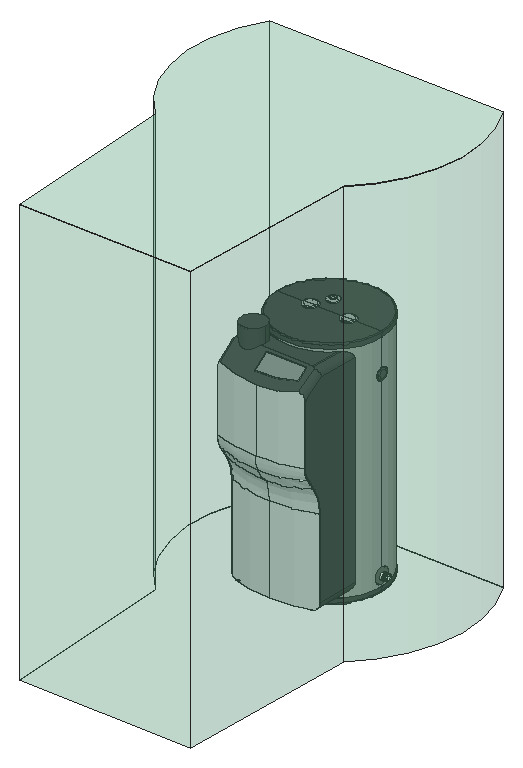
Revit family "Innovo  BENL_IR 20 160 BENL NAT", category Mechanical Equipment, Revit 2015
Parameters (values of type "IR-20-160 BENL NAT")
  Werkruimte Radius = Diameter + 170 mm  # 730 mm
  Werkruimte Hoogte = Hoogte + 1000 mm  # 2270 mm
  Werkruimte Afstand Voor = 1000 mm
  Werkruimte [instance] = yes
  Voorzorgsmaatregelen tijdens montage, installatie of onderhoud = "zie Gebruikers, Installatie, Service en Onderhouds handleiding"  # constant formula
  Voltage = 230 V  # constant formula
  Verpakkingslengte = 946 mm  # constant formula
  Verpakkingshoogte = 1465 mm
  Verpakkingsbreedte = 786 mm  # constant formula
  Uitsluitend werkend in daluren = no
  Uitschakeldruk LDS < = "115"
  Type aanduiding = "IR-20-160"
  Transportgewicht = 114 kg
  Totaal Gewicht = 274 kg
  Stilstandsverlies - dagelijks (24u) = 0 W
  Stilstandsverlies = 0 W
  Standaard Afgesteld op = "G31"
  Stand Regelthermostaat = 65 °C  # constant formula
  Soort Verpakking = "Karton en Hout"  # constant formula
  Slimme controlefunctie = no
  Setpoint thermostaat = 65 °C  # constant formula
  Seizoens Rendement (Hs) = [Rendement (Hs, vlgs. NEN-EN 89 - 1999)]  # 95
  Rendement (Hs, vlgs. NEN-EN 89 - 1999) = 95
  Rendement (Hi, vlgs. NEN-EN 89 - 1999) = 106
  Produktspecificaties Link = ""
  Produkthandleiding Link = ""
  Produkt Model Nummer (EAN-nummer) = "8717449286026"
  Onderhoudsinterval = "12 maanden"  # constant formula
  Nominale Belasting (Onderwaarde) = "18000.0"
  Nominale Belasting (Bovenwaarde) = "19600.0"
  Nominaal Vermogen = "18700.0"
  NOx-uitstoot mg/kWh = "30"
  NOx-uitstoot (lucht vrij, 0% O2) ppm = "18.0"
  Min. Stand Regelthermostaat = 40 °C  # constant formula
  Max. Werkdruk = 800000.0 Pa
  Max. Stand Regelthermostaat = 85 °C  # constant formula
  Max. Rookgastemperatuur = 61 °C
  Ledig Gewicht = 95 kg
  Kraan Hoogte 02 = if(and(Hoogte = 1745 mm, Diameter = 675 mm), 1518 mm, if(and(Hoogte = 1745 mm, Diameter = 610 mm), 1534 mm, if(Hoogte = 1545 mm, 1328 mm, 1070 mm)))  # 1070 mm
  Kraan Hoogte 01 = if(and(Diameter > 560 mm), 693 mm, 604 mm)  # 604 mm
  URL = "www.aosmith.be"
  Tapcapaciteit bij ΔT = 70°C  na 90 min. = 410.0 L
  Tapcapaciteit bij ΔT = 70°C  na 60 min. = 290.0 L
  Tapcapaciteit bij ΔT = 70°C  na 30 min. = 170.0 L
  Tapcapaciteit bij ΔT = 70°C  na 120 min. = 520.0 L
  Tapcapaciteit bij ΔT = 55°C  na 90 min. = 540.0 L
  Tapcapaciteit bij ΔT = 55°C  na 60 min. = 390.0 L
  Tapcapaciteit bij ΔT = 55°C  na 30 min. = 240.0 L
  Tapcapaciteit bij ΔT = 55°C  na 120 min. = 700.0 L
  Tapcapaciteit bij ΔT = 50°C  na 90 min. = 600.0 L
  Tapcapaciteit bij ΔT = 50°C  na 60 min. = 440.0 L
  Tapcapaciteit bij ΔT = 50°C  na 30 min. = 270.0 L
  Tapcapaciteit bij ΔT = 50°C na 120 min. = 770.0 L
  Tapcapaciteit bij ΔT = 44°C na 120 min. = 690.0 L
  Tapcapaciteit bij ΔT = 44°C  na 90 min. = 510.0 L
  Tapcapaciteit bij ΔT = 44°C  na 60 min. = 320.0 L
  Tapcapaciteit bij ΔT = 44°C  na 30 min. = 880.0 L
  Tapcapaciteit bij ΔT = 28°C na 90 min. = 1200.0 L
  Tapcapaciteit bij ΔT = 28°C na 60 min. = 820.0 L
  Tapcapaciteit bij ΔT = 28°C na 30 min. = 530.0 L
  Tapcapaciteit bij ΔT = 28°C na 120 min. = 1500.0 L
  Tapcapaciteit Continu bij ΔT = 70°C = 240.0 L/s
  Tapcapaciteit Continu bij ΔT = 55°C = 300.0 L/s
  Tapcapaciteit Continu bij ΔT = 50°C = 330.0 L/s
  Tapcapaciteit Continu bij ΔT = 44°C = 380.0 L/s
  Tapcapaciteit Continu bij ΔT = 28°C = 590.0 L/s
  Opwarmtijd bij ΔT = 70°C = "27"
  Opwarmtijd bij ΔT = 55°C = "21"
  Opwarmtijd bij ΔT = 50°C = "19"
  Opwarmtijd bij ΔT = 44°C = "17"
  Opwarmtijd bij ΔT = 28°C = "11"
  Model = "IR-20-160 BENL LP"
  Manufacturer = "A.O. Smith Water Products Company b.v."  # constant formula
  Length = 780 mm  # constant formula
  Jaarlijks elektriciteitsverbruik (2) = "-"
  Jaarlijks elektriciteitsverbruik (1) = "37 kWh"
  Jaarlijks brandstofverbruik (2) = "-"
  Jaarlijks brandstofverbruik (1) = "16 GJ GCV"
  Isolatiedikte = 50 mm
  Installatie Typen = "B23/C13/C33/C43/C53/C63"  # constant formula
  Inhoud = 160.0 L
  Hoogte Warm Water Uitlaat = 1270 mm
  Hoogte Rookgasafvoer = 1295 mm
  Hoogte Lucht Inlaat = 1295 mm
  Hoogte Koud Water Inlaat = 170 mm
  Hoogte Gas Aansluiting = 860 mm
  Hoogte = 1270 mm
  Handelsmerk = "A.O. Smith"  # constant formula
  Geluidsniveau dB (A) = "<45"  # constant formula
  Geluidsniveau binnen = "52 dB"
  Gasverbruik - Volume ltr/hr = "2.20"
  Gasverbruik - Massa kg/h = "1.4"
  Gascategorie = "I2E(S)B"  # constant formula
  Gas Voordruk = "3700 Pa"
  Gas Aansluiting = 15"  # constant formula
  Garrantie op Tank = "36 maanden"  # constant formula
  Garrantie op Onderdelen = "12 maanden"  # constant formula
  Frequentie = 50 Hz  # constant formula
  Fase = 1
  Fabrikantnummer = "E 7110"  # constant formula
  Energie-efficiëntieklasse voor waterverwarming (2) = "-"
  Energie-efficiëntieklasse voor waterverwarming (1) = "A"  # constant formula
  Energie-efficiëntie voor waterverwarming (2) = "-"
  Energie-efficiëntie voor waterverwarming (1) = "92%"
  Elektrisch Vermogen (piek) = 85 W
  Elektrisch Vermogen (nominaal) = 36 W
  Diameter Schoorsteen - parallel systeem = "2x80"  # constant formula
  Diameter Schoorsteen - concentrisch systeem = "80/125 mm/mm"  # constant formula
  Diameter Schoorsteen - boiler = "80/125 mm/mm"  # constant formula
  Diameter = 560 mm
  Description = "Condenserende Hoog Rendementsboiler"  # constant formula
  Created By = "http://www.cadcompany.nl/"
  Capaciteitsprofiel = "XL"
  CO2-uitstoot (tol. +/- 1.0) vol% = "10.0"
  CE-PIN = "0063CQ3037"  # constant formula
  Breedte = Diameter  # 560 mm
  Bestemming / Land = "BelgIë"  # constant formula
  BIM Content Developer = "CAD & Company"  # constant formula
  Assembly Code = "D3010"
  Ander capaciteitsprofiel = "-"
  Aansluiting Warm Water = 3/4"
  Aansluiting T&P = 3/4"
  Aansluiting Koud Water = 3/4"  # constant formula
  Aansluiting Condensafvoer = 40 mm  # constant formula
  Aansluiting Aftapkraan = 3/4"  # constant formula
  2e Onderhoud (algeheel onderhoud) = "12 maanden na installatie"  # constant formula
  1e Onderhoud (check-up) = "3 maanden na installatie"  # constant formula
Reference planes
  plane 1 "Center (Front/Back)": y = 0
  plane 2: z = 0
  plane 3 "Center (Left/Right)": x = 0
  plane 4 "Pipe": through (-383.901, 912.349, 194.799) normal (-0.0879, -0.0879, 0.9923)
  plane 5 "footing": y = 118.925
  plane 6 "footing front": y = -237.85
  plane 7: x = -280
  plane 8: x = 280
  plane 9: z = 1270
Forms (mm)
  Revolve 1, solid, material "RAL 9005", detail levels medium+fine
    sketch origin (0, -237.85, 0) x (-1, 0, 0) y (0, 0, 1)
      loop
        line (0, 28.9) -> (-15, 28.9) -> (-15, 26.4) -> (-8.671, 26.4) -> (-8.671, 18) -> (-5.686, 18) -> (-6.626, 17.06) -> (-6.626, 12.06) -> (-8.671, 12.06) -> (-8.671, 10) -> (-10.031, 10) -> (-23.271, 5.181)
        arc (-23.271, 5.181) -> (-23.763, 4.836) -> (-24.017, 4.293) r 1.159
        line (-24.017, 4.293) -> (-24.017, 1.03)
        arc (-24.017, 1.03) -> (-23.715, 0.302) -> (-22.986, 0) r 1.03
        line (-22.986, 0) -> (0, 0) -> (0, 28.9)
      axis (0, 28.9) -> (0, 0)
    angle from 0 to 360
  Revolve 2, solid, material "RAL 9005", detail levels medium+fine
    sketch origin (0, 118.925, 0) x (-1, 0, 0) y (0, 0, 1)
      loop
        line (-180.984, 28.9) -> (-195.984, 28.9) -> (-195.984, 26.4) -> (-189.655, 26.4) -> (-189.655, 18) -> (-186.67, 18) -> (-187.61, 17.06) -> (-187.61, 12.06) -> (-189.655, 12.06) -> (-189.655, 10) -> (-191.015, 10) -> (-204.256, 5.181)
        arc (-204.256, 5.181) -> (-204.747, 4.836) -> (-205.001, 4.293) r 1.159
        line (-205.001, 4.293) -> (-205.001, 1.03)
        arc (-205.001, 1.03) -> (-204.699, 0.302) -> (-203.971, 0) r 1.03
        line (-203.971, 0) -> (-180.984, 0) -> (-180.984, 28.9)
      axis (-180.984, 28.9) -> (-180.984, 0)
    angle from 0 to 360
  Revolve 3, solid, material "RAL 9005", detail levels medium+fine
    sketch origin (0, 118.925, 0) x (-1, 0, 0) y (0, 0, 1)
      loop
        line (179.016, 28.9) -> (164.016, 28.9) -> (164.016, 26.4) -> (170.345, 26.4) -> (170.345, 18) -> (173.33, 18) -> (172.39, 17.06) -> (172.39, 12.06) -> (170.345, 12.06) -> (170.345, 10) -> (168.985, 10) -> (155.744, 5.181)
        arc (155.744, 5.181) -> (155.253, 4.836) -> (154.999, 4.293) r 1.159
        line (154.999, 4.293) -> (154.999, 1.03)
        arc (154.999, 1.03) -> (155.301, 0.302) -> (156.029, 0) r 1.03
        line (156.029, 0) -> (179.016, 0) -> (179.016, 28.9)
      axis (179.016, 28.9) -> (179.016, 0)
    angle from 0 to 360
Lines and regions (mm)
  symbolic lines
    curve 1: line (0, 280.06, 0) -> (0, -280.06, 0)
    curve 2: line (-255.06, 0, 0) -> (255.06, 0, 0)
  symbolic lines, style "Workspace"
    curve 3: line (623.261, 380.06, 0) -> (-623.261, 380.06, 0)
    curve 4: arc (-623.261, 380.06, 0) -> (-726.942, -66.745, 0) -> (-543.632, -487.2, 0) r 730
    curve 5: line (-543.632, -487.2, 0) -> (-396.783, -1492.825, 0)
    curve 6: line (-396.783, -1492.825, 0) -> (399.03, -1492.825, 0)
    curve 7: line (399.03, -1492.825, 0) -> (545.76, -484.816, 0)
    curve 8: arc (545.76, -484.816, 0) -> (727.087, -65.154, 0) -> (623.261, 380.06, 0) r 730
Dimensions and locks
  plane 5 "footing" to plane 1 "Center (Front/Back)" = 118.925 mm
  plane 1 "Center (Front/Back)" to plane 6 "footing front" = 237.85 mm
  "Diameter": plane 7 to plane 8
  equal spacing: plane 7, plane 3 "Center (Left/Right)", plane 8
  "Hoogte": plane 9 to plane 2
  "Werkruimte Afstand Voor": curve 6 to nested 3
  "Werkruimte Radius": radius of curve 4
  "Werkruimte Radius": radius of curve 8
  aligned and locked: level to plane 2
  aligned and locked: nested 3 to Revolve 1 sketch curve
  aligned and locked: plane 3 "Center (Left/Right)" to Revolve 1 sketch curve
  aligned and locked: nested 3 to plane 1 "Center (Front/Back)"
  aligned and locked: plane 3 "Center (Left/Right)" to nested 3
  aligned and locked: nested 1 to plane 8
  aligned and locked: nested 5 to plane 8
  aligned and locked: nested 2 to plane 7
  aligned and locked: nested 4 to plane 7
  aligned and locked: nested 7 to plane 7
  aligned and locked: nested 8 to plane 3 "Center (Left/Right)"
  aligned and locked: nested 8 to nested 3
  aligned and locked: curve 3 to nested 8
Automatic sketch dimensions
  Revolve 1 sketch curve to level = 0 mm
  plane 3 "Center (Left/Right)" to Revolve 1 sketch curve = 5.686 mm
  Revolve 1 sketch curve to Revolve 1 sketch curve = 0.94 mm  (x2)
  Revolve 1 sketch curve to Revolve 1 sketch curve = 2.046 mm  (x2)
  Revolve 1 sketch curve to Revolve 1 sketch curve = 1.359 mm
  Revolve 1 sketch curve to Revolve 1 sketch curve = 6.329 mm
  level to Revolve 1 sketch curve = 4.091 mm
  Revolve 1 sketch curve to Revolve 1 sketch curve = 12.844 mm
  level to Revolve 1 sketch curve = 1.03 mm
  Revolve 1 sketch curve to Revolve 1 sketch curve = 0.111 mm
  level to Revolve 1 sketch curve = 5.181 mm
  Revolve 1 sketch curve to Revolve 1 sketch curve = 0.745 mm
  level to Revolve 1 sketch curve = 10 mm
  Revolve 1 sketch curve to Revolve 1 sketch curve = 2.06 mm
  Revolve 1 sketch curve to Revolve 1 sketch curve = 5 mm
  Revolve 1 sketch curve to Revolve 1 sketch curve = 8.4 mm
  Revolve 1 sketch curve to Revolve 1 sketch curve = 2.5 mm
  Revolve 1 sketch curve to level = 19.635 mm
  Revolve 1 sketch curve to Revolve 1 sketch curve = 46.465 mm
  Revolve 2 sketch curve to level = 0 mm
  level to Revolve 2 sketch curve = 1.03 mm
  Revolve 2 sketch curve to plane 8 = 74.999 mm
  level to Revolve 2 sketch curve = 5.181 mm
  Revolve 2 sketch curve to Revolve 2 sketch curve = 0.745 mm
  Revolve 2 sketch curve to Revolve 2 sketch curve = 0.397 mm
  Revolve 2 sketch curve to Revolve 2 sketch curve = 8.271 mm
  Revolve 2 sketch curve to Revolve 2 sketch curve = 13.241 mm
  Revolve 2 sketch curve to Revolve 2 sketch curve = 1.359 mm
  Revolve 2 sketch curve to Revolve 2 sketch curve = 6.329 mm
  Revolve 2 sketch curve to Revolve 2 sketch curve = 2.046 mm
  level to Revolve 2 sketch curve = 18 mm
  Revolve 2 sketch curve to Revolve 2 sketch curve = 0.94 mm  (x2)
  Revolve 2 sketch curve to Revolve 2 sketch curve = 8.671 mm
  Revolve 2 sketch curve to Revolve 2 sketch curve = 1.089 mm
  Revolve 2 sketch curve to Revolve 2 sketch curve = 8 mm
  Revolve 2 sketch curve to Revolve 2 sketch curve = 2.06 mm
  Revolve 2 sketch curve to Revolve 2 sketch curve = 8.4 mm
  Revolve 2 sketch curve to Revolve 2 sketch curve = 2.5 mm
  Revolve 2 sketch curve to Revolve 2 sketch curve = 0 mm
  Revolve 2 sketch curve to level = 19.635 mm
  Revolve 2 sketch curve to Revolve 2 sketch curve = 46.465 mm
  Revolve 3 sketch curve to level = 0 mm
  level to Revolve 3 sketch curve = 1.03 mm
  Revolve 3 sketch curve to plane 7 = 125.001 mm
  level to Revolve 3 sketch curve = 5.181 mm
  Revolve 3 sketch curve to Revolve 3 sketch curve = 0.745 mm
  Revolve 3 sketch curve to Revolve 3 sketch curve = 0.397 mm
  Revolve 3 sketch curve to Revolve 3 sketch curve = 8.271 mm
  Revolve 3 sketch curve to Revolve 3 sketch curve = 13.241 mm
  Revolve 3 sketch curve to Revolve 3 sketch curve = 1.359 mm
  Revolve 3 sketch curve to Revolve 3 sketch curve = 6.329 mm
  Revolve 3 sketch curve to Revolve 3 sketch curve = 2.046 mm
  level to Revolve 3 sketch curve = 18 mm
  Revolve 3 sketch curve to Revolve 3 sketch curve = 0.94 mm  (x2)
  Revolve 3 sketch curve to Revolve 3 sketch curve = 8.671 mm
  Revolve 3 sketch curve to Revolve 3 sketch curve = 1.089 mm
  Revolve 3 sketch curve to Revolve 3 sketch curve = 8 mm
  Revolve 3 sketch curve to Revolve 3 sketch curve = 2.06 mm
  Revolve 3 sketch curve to Revolve 3 sketch curve = 8.4 mm
  Revolve 3 sketch curve to Revolve 3 sketch curve = 2.5 mm
  Revolve 3 sketch curve to Revolve 3 sketch curve = 0 mm
  Revolve 3 sketch curve to level = 19.635 mm
  Revolve 3 sketch curve to Revolve 3 sketch curve = 46.465 mm
  curve 4 to curve 8 = 0 mm  (x2)
  plane 1 "Center (Front/Back)" to curve 2 = 0 mm
  curve 1 to plane 3 "Center (Left/Right)" = 0 mm
  plane 1 "Center (Front/Back)" to curve 4 = 0 mm
  curve 4 to plane 3 "Center (Left/Right)" = 0 mm
  curve 5 to plane 6 "footing front" = 249.35 mm
  plane 7 to curve 5 = 116.783 mm
  plane 8 to curve 7 = 119.03 mm
  curve 7 to plane 6 "footing front" = 246.966 mm
  curve 2 to plane 7 = 24.94 mm
  curve 2 to plane 8 = 24.94 mm
  curve 1 to plane 6 "footing front" = 42.21 mm
  plane 5 "footing" to curve 1 = 161.135 mm
Nested families
  nested 1: "Valve" at (280, -0.38, 1070) x (0, 1, 0) z (0, 0, 1), built-in parameter 1001364 <- "Kraan Hoogte 02", type "Valve"
  nested 2: "Drain Valve" at (-280, 0, 1070), built-in parameter 1001364 <- "Kraan Hoogte 02", type "Drain Valve"
  nested 3: "Housing Mother Housing S 57 (external)" at (0, -274.886, 0), type "Housing Mother_Housing S_57"
  nested 4: "Drain Valve" at (-280, 0, 177), type "Drain Valve"
  nested 5: "Drain Valve" at (280, 0, 107) x (-1, 0, 0) z (0, 0, 1), type "Drain Valve"
  nested 6: "Boiler" at (0, 0, 0), height <- "Hoogte", type "Boiler"
    with height 1270 mm
  nested 7: "Drain Valve" at (-280, 0, 604), built-in parameter 1001364 <- "Kraan Hoogte 01", type "Drain Valve"
  nested 8: "Innovo_workspace" at (0, 0, 0), Workspace <- "Werkruimte", Workspace Distance Front <- "Werkruimte Afstand Voor", Workspace Height <- "Werkruimte Hoogte", Workspace Radius <- "Werkruimte Radius", type "Workspace"
    with Workspace Radius 730 mm, Workspace Height 2270 mm, Workspace Distance Front 1000 mm, Workspace yes, Center to Front 492.825 mm
Connectors
  piping at (314.826, 0, 107), diameter 19.05, driven by "Aansluiting Aftapkraan"
    settings: on nested 5, index 1, connector inside diameter 24", connector length 0 mm, flow factor 0, pipe flow 0.0 L/s, pressure drop 0.0 Pa, fitting loss kfactor 0, connector angle 0.00°, fixture units 0, engagement length 0 mm, angle of deflection 0.00°, flow configuration 0, flow direction 0, fitting loss method 0, system type 19, joint type 0, gender type 0, connector reference index -1, connector utility 0, adjustable connector no, is connector primary yes, connector description ""
  hvac at (-147.013, -321.326, 1310.674)
    settings: on nested 3, index 2, duct flow 0.0 L/s, flow factor 0, pres drop 0.0 Pa, loss coef 0, conn angle 0.00°, conn width 304.8 mm, conn height 304.8 mm, conn diameter 125 mm, duct sys type 4, conn prof type 0, flow config 0, flow direction 0, loss method 0, conn ref index -1, conn util no, is conn primary yes, conn desc ""
Definition of nested family "Valve"
  Parameters (values of type "Valve")
    Type Comments = "T&P valve (internal)"
    Manufacturer = "A.O. Smith"
  Reference planes
    plane 1 "Center (Front/Back)": y = 0
    plane 2: z = 0
    plane 3 "Center (Left/Right)": x = 0
  Forms (mm)
    Extrusion 1, solid, detail levels fine
      sketch origin (0, 0, 0) x (1, 0, 0) y (0, 0, 1)
        loop
          circle (0, 0) r 31.5
      from -2.271 to 1.4
    Sweep 2, solid, detail levels fine
      path origin (0, -1.4, 0) x (1, 0, 0) y (0, 0, 1)
        loop
          circle (0, 0) r 31.5
      profile origin (0, -1.4, 31.5) x (0, 0, -1) y (0, -1, 0)
        loop
          line (7.3, 0) -> (7.3, 3) -> (0, 0) -> (7.3, 0)
  Dimensions and locks
    aligned and locked: level to plane 2
Definition of nested family "Drain Valve"
  Reference planes
    plane 1 "Center (Front/Back)": y = 0
    plane 2: z = 0
    plane 3 "Center (Left/Right)": x = 0
  Forms (mm)
    Revolve 1, solid, detail levels medium+fine
      sketch origin (0, 0, 0) x (1, 0, 0) y (0, 0, 1)
        loop
          line (-33.442, 15.696) -> (-34.826, 14.329) -> (-34.93, 12.731) -> (-16.555, 12.731) -> (-16.555, 0) -> (15.787, 0) -> (15.787, 18.3) -> (-14.4, 18.3) -> (-17.148, 15.533) -> (-18.729, 16.697) -> (-20.091, 15.333) -> (-21.672, 16.496) -> (-23.034, 15.133) -> (-24.614, 16.296) -> (-25.976, 14.932) -> (-27.557, 16.096) -> (-28.919, 14.732) -> (-30.5, 15.896) -> (-31.862, 14.532) -> (-33.442, 15.696)
        axis (-34.93, 0) -> (15.787, 0)
      angle from 0 to 360
  Dimensions and locks
    aligned and locked: level to plane 2
  Nested families
    nested 1: "Rubber sealing" at (2.592, -0.155, 0) x (0.0023, -1, 0) z (0, 0, 1), type "Rubber sealing", detail levels fine
  Definition of nested family "Rubber sealing"
    Reference planes
      plane 1 "Center (Front/Back)": y = 0
      plane 2: z = 0
      plane 3 "Center (Left/Right)": x = 0
    Forms (mm)
      Extrusion 1, solid, detail levels fine
        sketch origin (141.861, 319.581, 0) x (1, 0, 0) y (0, 1, 0)
          loop
            line (-216.354, -311.898) -> (-216.354, -313.94)
            arc (-216.354, -313.94) -> (-141.602, -321.581) -> (-66.861, -313.835) r 366.966
            line (-66.861, -313.835) -> (-66.861, -311.791)
            arc (-66.861, -311.791) -> (-141.602, -319.581) -> (-216.354, -311.898) r 364.966
        from -80 to 80
      Extrusion 2, void
        sketch origin (141.861, 319.581, 0) x (1, 0, 0) y (0, 0, 1)
          loop
            circle (-141.861, 0) r 13
          loop
            circle (-141.861, 0) r 110
          loop
            circle (-141.861, 0) r 40
        from 311.563 to 332.684
      Extrusion 3, void
        sketch origin (141.861, 319.581, 0) x (1, 0, 0) y (0, 0, 1)
          loop
            circle (-141.861, 0) r 18.25
        from 315.524 to 326.084
    Cuts and joins
      Extrusion 2, Extrusion 3 cuts Extrusion 1
    Dimensions and locks
      aligned and locked: level to plane 2
Definition of nested family "Housing Mother Housing S 57 (external)"
  Parameters (values of type "Housing Mother_Housing S_57")
    radius [instance] = 280 mm
    distance to boiler center = if(diameter = 675 mm, 189 mm, if(diameter = 610 mm, 154 mm, 129 mm))  # 129 mm
    diameter = 560 mm
  Reference planes
    plane 1 "Center (Front/Back)": y = 0
    plane 2: z = 0
    plane 3 "Center (Left/Right)": x = 0
    plane 4 "left": through (-245.286, 145.886, 1200) normal (0.9994, 0.0349, 0)
    plane 5: y = -217.939
    plane 6: y = 145.886
    plane 7: z = 1232.6
    plane 8: z = 65.89
    plane 9 "right": through (245.286, 145.886, 1200) normal (0.9994, -0.0349, 0)
    plane 10 "display": through (0, -90.37, 1221.196) normal (0, -0.5736, 0.8192)
    plane 11 "Potentiostat": z = 867.899
    plane 12 "boiler center": y = 274.886
    plane 13: x = -280
    plane 14: x = 280
  Forms (mm)
    Extrusion 1, solid
      sketch origin (0, 0, 0) x (1, 0, 0) y (0, 1, 0)
        loop
          line (-245.286, 145.886) -> (-232.581, -217.939) -> (232.581, -217.939) -> (245.286, 145.886)
          arc (245.286, 145.886) -> (0, 0.923) -> (-245.286, 145.886) r 280
      from 0 to 1232.6
    Sweep 2, void
      path origin (0, 0, 0) x (0, 1, 0) y (0, 0, 1)
        loop
          line (-217.939, 1232.6) -> (-217.939, 795.555)
          arc (-217.939, 795.555) -> (-212.387, 754.285) -> (-197.694, 715.322) r 183.924
          arc (-197.694, 715.322) -> (-179.915, 684.628) -> (-159.106, 655.901) r 348.284
          arc (-159.106, 655.901) -> (-131.411, 600.328) -> (-121.88, 538.973) r 202.254
          line (-121.88, 538.973) -> (-121.88, 61.106)
      profile origin (0, -217.939, 1014.077) x (1, 0, 0) y (0, 1, 0)
        loop
          arc (0, 0) -> (-117.533, 9.941) -> (-231.728, 39.475) r 699.984
          arc (-231.728, 39.475) -> (-233.391, 40.705) -> (-234.07, 42.659) r 3.505
          line (-234.07, 42.659) -> (-254.062, 42.659) -> (-254.062, -142.593) -> (254.07, -142.593) -> (254.07, 42.659) -> (234.07, 42.659)
          arc (234.07, 42.659) -> (233.391, 40.705) -> (231.728, 39.475) r 3.505
          arc (231.728, 39.475) -> (117.533, 9.941) -> (0, 0) r 699.984
    Extrusion 3, void
      sketch origin (0, 0, 0) x (0, 1, 0) y (0, 0, 1)
        loop
          arc (102.864, 70.869) -> (99.804, 70.709) -> (96.874, 69.813) r 12.57
          arc (96.874, 69.813) -> (87.878, 66.533) -> (78.516, 64.529) r 69.114
          arc (78.516, 64.529) -> (76.41, 64.284) -> (74.294, 64.148) r 41.206
          arc (74.294, 64.148) -> (65.203, 64.335) -> (56.122, 64.782) r 318.661
          arc (56.122, 64.782) -> (30.585, 66.179) -> (5.028, 67.128) r 1456.581
          line (5.028, 67.128) -> (-84.534, 73.135)
          arc (-84.534, 73.135) -> (-86.363, 73.808) -> (-87.536, 75.365) r 3.455
          line (-87.536, 75.365) -> (-264.473, 75.365) -> (-264.473, 0) -> (160.886, 0) -> (160.886, 103.945) -> (145.886, 103.945)
          arc (145.886, 103.945) -> (145.104, 97.827) -> (142.923, 92.059) r 26.364
          arc (142.923, 92.059) -> (141.067, 88.936) -> (138.867, 86.045) r 31.715
          arc (138.867, 86.045) -> (135.576, 82.49) -> (132.021, 79.2) r 62.615
          arc (132.021, 79.2) -> (125.841, 74.697) -> (119.091, 71.103) r 54.444
          arc (119.091, 71.103) -> (116.371, 70.272) -> (113.531, 70.123) r 11.669
          line (113.531, 70.123) -> (102.864, 70.869)
      from -254.062 to 254.07
    Sweep 4, void
      path origin (0, 0, 0) x (1, 0, 0) y (0, 1, 0)
        loop
          line (-245.286, 145.886) -> (-232.581, -217.939)
      profile origin (-238.933, -36.027, 0) x (0.999391, 0.034899, 0) y (0, 0, 1)
        loop
          line (-4.454, 0) -> (47.084, 0) -> (47.084, 73.431)
          arc (47.084, 73.431) -> (14.222, 85.134) -> (0.255, 117.1) r 43.922
          line (0.255, 117.1) -> (-4.454, 117.1) -> (-4.454, 0)
    Sweep 5, void
      path origin (0, 0, 0) x (-1, 0, 0) y (0, 1, 0)
        loop
          line (-245.286, 145.886) -> (-232.581, -217.939)
      profile origin (238.933, -36.027, 0) x (0.999391, -0.034899, 0) y (0, 0, 1)
        loop
          line (4.454, 0) -> (4.454, 117.1) -> (-0.255, 117.1)
          arc (-0.255, 117.1) -> (-14.222, 85.134) -> (-47.084, 73.431) r 43.922
          line (-47.084, 73.431) -> (-47.084, 0) -> (4.454, 0)
    Sweep 6, void
      path origin (-239.899, -8.377, 0) x (-0.034899, 0.999391, 0) y (0, 0, 1)
        loop
          line (-209.69, 1141.272) -> (-79.18, 1232.6) -> (154.358, 1232.6)
      profile origin (-241.211, 29.188, 1232.6) x (0, 0, 1) y (0.999391, 0.034899, 0)
        loop
          line (-45, -30) -> (75, -30) -> (75, 0) -> (75, 55) -> (2.799, 55) -> (-1.253, 35.128)
          arc (-1.253, 35.128) -> (-16.771, 9.564) -> (-45, -0.308) r 44.287
          line (-45, -0.308) -> (-45, -30)
    Sweep 7, void
      path origin (239.899, -8.377, 0) x (0.034899, 0.999391, 0) y (0, 0, 1)
        loop
          line (-209.69, 1141.272) -> (-79.18, 1232.6) -> (154.358, 1232.6)
      profile origin (241.211, 29.188, 1232.6) x (0, 0, -1) y (-0.999391, 0.034899, 0)
        loop
          line (-75, -25) -> (45, -25) -> (45, -0.308)
          arc (45, -0.308) -> (16.771, 9.564) -> (1.253, 35.128) r 44.287
          line (1.253, 35.128) -> (-2.799, 55) -> (-75, 55) -> (-75, -25)
    Extrusion 8, void
      sketch origin (0, 0, 0) x (0, 1, 0) y (0, 0, 1)
        loop
          line (-270, 1336.099) -> (-270, 1099.081) -> (68.497, 1336.099) -> (-270, 1336.099)
      from -425.038 to 444.42
    Extrusion 9, solid, detail levels medium+fine
      sketch origin (0, 0, 0) x (1, 0, 0) y (0, 1, 0)
        loop
          circle (-147.013, -46.44) r 65
      from 1163.174 to 1310.674
    Extrusion 10, void
      sketch origin (0, -603.506, 861.895) x (0, 0.819152, 0.573576) y (-1, 0, 0)
        loop
          arc (618.322, -173) -> (623.272, -170.95) -> (625.322, -166) r 7
          line (625.322, -166) -> (625.322, 35)
          arc (625.322, 35) -> (623.272, 39.95) -> (618.322, 42) r 7
          line (618.322, 42) -> (535.473, 42)
          arc (535.473, 42) -> (530.688, 40.11) -> (528.488, 35.46) r 7
          arc (528.488, 35.46) -> (531.569, -67.592) -> (554.18, -168.18) r 540
          arc (554.18, -168.18) -> (556.724, -171.668) -> (560.831, -173) r 7
          line (560.831, -173) -> (618.322, -173)
      from 0 to 137.286
    Sweep 11, solid, detail levels fine
      path origin (0, 0, 867.899) x (-1, 0, 0) y (0, -1, 0)
        loop
          line (309.749, -35.617) -> (204.371, -35.617)
          arc (204.371, -35.617) -> (196.509, -34.687) -> (189.082, -31.947) r 33.677
          line (189.082, -31.947) -> (-9.574, 69.274)
      profile origin (-257.06, 35.617, 867.899) x (0, 1, 0) y (0, 0, 1)
        loop
          circle (0, 0) r 7.316
        loop
          circle (0, 0) r 6.465
    Revolve 12, void
      sketch origin (0, 274.886, 0) x (-1, 0, 0) y (0, 0, 1)
        loop
          line (280, 1243.838) -> (0, 1243.838) -> (0, 54.9) -> (280, 54.9) -> (280, 1243.838)
        axis (0, 1243.838) -> (0, 54.9)
      angle from 0 to 360
  Cuts and joins
    Sweep 2, Extrusion 3, Sweep 4, Sweep 5, Sweep 6, Sweep 7, Extrusion 8, Extrusion 10, Revolve 12 cuts Extrusion 1
  Dimensions and locks
    plane 8 to plane 2 = 65.89 mm
    plane 7 to plane 8 = 1166.71 mm
    "distance to boiler center": plane 12 "boiler center" to plane 6
    "diameter": plane 14 to plane 13
    equal spacing: plane 14, plane 3 "Center (Left/Right)", plane 13
    "radius": plane 3 "Center (Left/Right)" to plane 13
    aligned and locked: level to plane 2
    aligned and locked: Extrusion 1 to plane 7
    aligned and locked: Extrusion 1 sketch curve to plane 5
    aligned and locked: Sweep 2 to Extrusion 3
    aligned and locked: Extrusion 3 to Sweep 2  (x2)
    aligned and locked: plane 7 to Sweep 2 sketch curve
    aligned and locked: plane 3 "Center (Left/Right)" to Revolve 12 sketch curve
    aligned and locked: Revolve 12 sketch curve to plane 3 "Center (Left/Right)"
    aligned and locked: plane 13 to Revolve 12 sketch curve
  Automatic sketch dimensions
    Extrusion 1 sketch curve to plane 4 "left" = 0 mm  (x2)
    Extrusion 1 sketch curve to plane 6 = 0 mm  (x2)
    Extrusion 1 sketch curve to plane 3 "Center (Left/Right)" = 0 mm
    Extrusion 1 sketch curve to plane 9 "right" = 0 mm
    plane 6 to Extrusion 1 sketch curve = 135.037 mm
    Sweep 2 sketch curve to plane 5 = 0 mm
    plane 5 to Sweep 2 sketch curve = 106.195 mm
    Sweep 2 sketch curve to plane 5 = 96.059 mm
    plane 1 "Center (Front/Back)" to Sweep 2 sketch curve = 34.053 mm
    plane 11 "Potentiostat" to Sweep 2 sketch curve = 6.417 mm
    Sweep 2 sketch curve to plane 6 = 33.705 mm
    Sweep 2 sketch curve to plane 11 "Potentiostat" = 68.615 mm
    Sweep 2 sketch curve to plane 11 "Potentiostat" = 72.345 mm
    Sweep 2 sketch curve to Sweep 2 sketch curve = 176.349 mm
    Sweep 2 sketch curve to Sweep 2 sketch curve = 0 mm  (x2)
    plane 8 to Sweep 2 sketch curve = 4.784 mm
    Extrusion 3 sketch curve to level = 0 mm
    Extrusion 3 sketch curve to plane 6 = 0 mm
    Extrusion 3 sketch curve to plane 6 = 26.363 mm
    Extrusion 3 sketch curve to Extrusion 3 sketch curve = 4.75 mm
    Extrusion 3 sketch curve to Extrusion 3 sketch curve = 5.179 mm
    Extrusion 3 sketch curve to plane 8 = 4.232 mm
    Extrusion 3 sketch curve to Extrusion 3 sketch curve = 0.814 mm
    Extrusion 3 sketch curve to plane 8 = 4.978 mm
    Extrusion 3 sketch curve to Extrusion 3 sketch curve = 10.667 mm
    Extrusion 3 sketch curve to Extrusion 3 sketch curve = 0.877 mm
    Extrusion 3 sketch curve to Extrusion 3 sketch curve = 17.827 mm
    Extrusion 3 sketch curve to Extrusion 3 sketch curve = 5.646 mm
    Extrusion 3 sketch curve to plane 6 = 69.562 mm
    Extrusion 3 sketch curve to Extrusion 3 sketch curve = 18.6 mm
    Extrusion 3 sketch curve to Extrusion 3 sketch curve = 22.538 mm
    Extrusion 3 sketch curve to plane 8 = 1.238 mm
    Extrusion 3 sketch curve to plane 1 "Center (Front/Back)" = 5.028 mm
    plane 1 "Center (Front/Back)" to Extrusion 3 sketch curve = 36.224 mm
    Extrusion 3 sketch curve to plane 8 = 10.692 mm
    plane 1 "Center (Front/Back)" to Extrusion 3 sketch curve = 84.302 mm
    Extrusion 3 sketch curve to plane 8 = 7.244 mm
    Extrusion 3 sketch curve to Extrusion 3 sketch curve = 0.231 mm
    Extrusion 3 sketch curve to Extrusion 3 sketch curve = 3.234 mm
    plane 5 to Extrusion 3 sketch curve = 46.534 mm
    plane 6 to Extrusion 3 sketch curve = 15 mm
    Extrusion 3 sketch curve to level = 1388.869 mm
    plane 8 to Extrusion 3 sketch curve = 7.561 mm
    Extrusion 3 sketch curve to Extrusion 3 sketch curve = 11.64 mm
    Extrusion 3 sketch curve to plane 8 = 38.054 mm
    Extrusion 3 sketch curve to Extrusion 3 sketch curve = 22.442 mm
    Extrusion 3 sketch curve to plane 8 = 39.432 mm
    Extrusion 3 sketch curve to Extrusion 3 sketch curve = 2.466 mm
    Extrusion 3 sketch curve to Extrusion 3 sketch curve = 14.17 mm
    Extrusion 3 sketch curve to Extrusion 3 sketch curve = 5.925 mm
    Extrusion 3 sketch curve to Extrusion 3 sketch curve = 6.186 mm
    Extrusion 3 sketch curve to Extrusion 3 sketch curve = 249.85 mm
    Extrusion 3 sketch curve to Extrusion 3 sketch curve = 0 mm  (x4)
    Extrusion 3 sketch curve to Extrusion 3 sketch curve = 6.845 mm
    plane 8 to Extrusion 3 sketch curve = 1.743 mm
    Sweep 4 sketch curve to plane 4 "left" = 0 mm  (x2)
    Sweep 4 sketch curve to plane 6 = 0 mm
    plane 5 to Sweep 4 sketch curve = 0 mm
    Sweep 4 sketch curve to level = 0 mm
    profile plane to Sweep 4 sketch curve = 4.454 mm
    Sweep 4 sketch curve to profile plane = 0.255 mm
    Sweep 4 sketch curve to Sweep 4 sketch curve = 43.922 mm
    Sweep 4 sketch curve to profile plane = 47.084 mm
    level to Sweep 4 sketch curve = 73.431 mm
    Sweep 4 sketch curve to Sweep 4 sketch curve = 43.669 mm
    Sweep 5 sketch curve to plane 6 = 0 mm
    Sweep 5 sketch curve to plane 9 "right" = 0 mm  (x2)
    plane 5 to Sweep 5 sketch curve = 0 mm
    Sweep 5 sketch curve to level = 0 mm
    profile plane to Sweep 5 sketch curve = 47.084 mm
    Sweep 5 sketch curve to Sweep 5 sketch curve = 2.907 mm
    profile plane to Sweep 5 sketch curve = 0.255 mm
    Sweep 5 sketch curve to profile plane = 4.454 mm
    level to Sweep 5 sketch curve = 73.431 mm
    Sweep 5 sketch curve to Sweep 5 sketch curve = 43.669 mm
    Sweep 6 sketch curve to plane 7 = 0 mm
    plane 7 to Sweep 6 sketch curve = 91.328 mm
    Sweep 6 sketch curve to Sweep 6 sketch curve = 130.509 mm
    Sweep 6 sketch curve to Sweep 6 sketch curve = 233.538 mm
    Sweep 6 sketch curve to plane 4 "left" = 0 mm
    profile plane to Sweep 6 sketch curve = 45 mm
    Sweep 6 sketch curve to Sweep 6 sketch curve = 0.354 mm
    profile plane to Sweep 6 sketch curve = 1.253 mm
    Sweep 6 sketch curve to profile plane = 2.799 mm
    Sweep 6 sketch curve to Sweep 6 sketch curve = 72.201 mm
    Sweep 6 sketch curve to plane 4 "left" = 0.308 mm
    Sweep 6 sketch curve to Sweep 6 sketch curve = 29.692 mm
    plane 4 "left" to Sweep 6 sketch curve = 35.128 mm
    plane 4 "left" to Sweep 6 sketch curve = 55 mm
    Sweep 7 sketch curve to plane 7 = 0 mm
    Sweep 7 sketch curve to plane 7 = 91.328 mm
    Sweep 7 sketch curve to Sweep 7 sketch curve = 130.509 mm
    Sweep 7 sketch curve to Sweep 7 sketch curve = 233.538 mm
    Sweep 7 sketch curve to plane 9 "right" = 25 mm
    profile plane to Sweep 7 sketch curve = 75 mm
    profile plane to Sweep 7 sketch curve = 2.799 mm
    Sweep 7 sketch curve to profile plane = 1.253 mm
    Sweep 7 sketch curve to Sweep 7 sketch curve = 43.393 mm
    Sweep 7 sketch curve to profile plane = 45 mm
    Sweep 7 sketch curve to plane 9 "right" = 0.308 mm
    plane 9 "right" to Sweep 7 sketch curve = 35.128 mm
    Sweep 7 sketch curve to Sweep 7 sketch curve = 19.872 mm
    plane 5 to Extrusion 8 sketch curve = 52.061 mm
    Extrusion 8 sketch curve to plane 1 "Center (Front/Back)" = 68.497 mm
    plane 7 to Extrusion 8 sketch curve = 133.519 mm
    Extrusion 8 sketch curve to plane 7 = 103.499 mm
    plane 1 "Center (Front/Back)" to Extrusion 9 sketch curve = 46.44 mm
    Extrusion 9 sketch curve to plane 3 "Center (Left/Right)" = 147.013 mm
    Extrusion 10 sketch curve to plane 3 "Center (Left/Right)" = 0 mm
    Extrusion 10 sketch curve to plane 3 "Center (Left/Right)" = 35 mm
    Extrusion 10 sketch curve to Extrusion 10 sketch curve = 25.359 mm
    Extrusion 10 sketch curve to Extrusion 10 sketch curve = 57.491 mm
    Extrusion 10 sketch curve to plane 3 "Center (Left/Right)" = 42 mm
    Extrusion 10 sketch curve to Extrusion 10 sketch curve = 82.85 mm
    Extrusion 10 sketch curve to Extrusion 10 sketch curve = 7 mm
    Extrusion 10 sketch curve to Extrusion 10 sketch curve = 442 mm
    plane 3 "Center (Left/Right)" to Extrusion 10 sketch curve = 166 mm
    Extrusion 10 sketch curve to Extrusion 10 sketch curve = 0 mm  (x2)
    Sweep 11 sketch curve to plane 1 "Center (Front/Back)" = 31.947 mm
    Sweep 11 sketch curve to plane 3 "Center (Left/Right)" = 189.082 mm
    Sweep 11 sketch curve to plane 1 "Center (Front/Back)" = 1.94 mm
    Sweep 11 sketch curve to Sweep 11 sketch curve = 15.289 mm
    plane 3 "Center (Left/Right)" to Sweep 11 sketch curve = 9.574 mm
    Sweep 11 sketch curve to Sweep 11 sketch curve = 105.378 mm
    plane 1 "Center (Front/Back)" to Sweep 11 sketch curve = 69.274 mm
    Sweep 11 sketch curve to Sweep 11 sketch curve = 0 mm  (x2)
    Sweep 11 sketch curve to plane 11 "Potentiostat" = 0 mm
    Sweep 11 sketch curve to profile plane = 0 mm
    plane 8 to Revolve 12 sketch curve = 10.99 mm
    Revolve 12 sketch curve to plane 7 = 11.238 mm
    Revolve 12 sketch curve to level = 366.045 mm
    Revolve 12 sketch curve to Revolve 12 sketch curve = 971.917 mm
    Sweep 2 sketch curve to plane 3 "Center (Left/Right)" = 0 mm
    profile plane to Sweep 2 sketch curve = 0 mm
    Sweep 2 sketch curve to plane 3 "Center (Left/Right)" = 0.016 mm
    Sweep 2 sketch curve to profile plane = 42.782 mm  (x2)
    Sweep 2 sketch curve to plane 3 "Center (Left/Right)" = 230.568 mm
    plane 3 "Center (Left/Right)" to Sweep 2 sketch curve = 0.016 mm
    plane 3 "Center (Left/Right)" to Sweep 2 sketch curve = 230.568 mm
    Sweep 2 sketch curve to Sweep 2 sketch curve = 3.502 mm  (x2)
    Sweep 2 sketch curve to Sweep 2 sketch curve = 20 mm
    profile plane to Sweep 2 sketch curve = 142.593 mm
    Sweep 2 sketch curve to Sweep 2 sketch curve = 0.122 mm  (x2)
    Sweep 2 sketch curve to Sweep 2 sketch curve = 657.203 mm
    Sweep 2 sketch curve to Sweep 2 sketch curve = 19.991 mm
    radius of Extrusion 9 sketch curve = 65 mm
    radius of Sweep 11 sketch curve = 7.316 mm
    radius of Sweep 11 sketch curve = 6.465 mm
  Nested families
    nested 1: "display" at (65.5, -130.939, 1192.79) x (-1, 0, 0) z (0, -0.5736, 0.8192), type "display"
  Definition of nested family "display"
    Parameters (values of type "display")
      Default Elevation = 1219.2 mm
    Reference planes
      plane 1 "Center (Front/Back)": y = 0
      plane 2: z = 0
      plane 3 "Center (Left/Right)": x = 0
    Forms (mm)
      Extrusion 1, solid, detail levels medium+fine
        sketch origin (-16.958, 11.842, -343.878) x (1, 0, 0) y (0, 0, -1)
          loop
            line (-233.523, -343.878) -> (-233.523, -346.592) -> (332.686, -346.592) -> (332.686, -343.878) -> (-233.523, -343.878)
        from -228.7 to 150.822
      Extrusion 2, void
        sketch origin (-16.958, 6.842, -343.878) x (1, 0, 0) y (0, 1, 0)
          loop
            line (-233.523, 155.822) -> (-233.523, -223.7) -> (332.686, -223.7) -> (332.686, 155.822) -> (-233.523, 155.822)
          loop
            arc (-90.542, -48.267) -> (-88.492, -53.216) -> (-83.542, -55.267) r 7
            line (-83.542, -55.267) -> (117.458, -55.267)
            arc (117.458, -55.267) -> (122.408, -53.216) -> (124.458, -48.267) r 7
            line (124.458, -48.267) -> (124.458, 34.583)
            arc (124.458, 34.583) -> (122.568, 39.368) -> (117.918, 41.568) r 7
            arc (117.918, 41.568) -> (14.866, 38.487) -> (-85.722, 15.876) r 540
            arc (-85.722, 15.876) -> (-89.21, 13.332) -> (-90.542, 9.224) r 7
            line (-90.542, 9.224) -> (-90.542, -48.267)
        from 328.878 to 363.083
    Cuts and joins
      Extrusion 2 cuts Extrusion 1
    Dimensions and locks
      aligned and locked: level to plane 2
Definition of nested family "Boiler"
  Parameters (values of type "Boiler")
    radius [instance] = 280 mm
    height [instance] = 1270 mm
    Diameter = 560 mm
  Reference planes
    plane 1 "Center (Front/Back)": y = 0
    plane 2: z = 0
    plane 3 "Center (Left/Right)": x = 0
    plane 4: z = 1243.838
    plane 5: z = 1270
    plane 6 "bottom": z = 28.9
    plane 7: z = 54.9
    plane 8 "top controle": y = 88
    plane 9: x = -280
    plane 10: x = 280
  Forms (mm)
    Revolve 1, solid
      sketch origin (0, 0, 0) x (1, 0, 0) y (0, 0, 1)
        loop
          line (0, 54.9) -> (-280, 54.9) -> (-280, 32.9)
          arc (-280, 32.9) -> (-278.828, 30.072) -> (-276, 28.9) r 4
          line (-276, 28.9) -> (0, 28.9) -> (0, 54.9)
        axis (0, 28.9) -> (0, 54.9)
      angle from 0 to 360
    Revolve 2, solid
      sketch origin (1.311, 0, 0) x (1, 0, 0) y (0, 0, 1)
        loop
          line (-278.86, 1243.838) -> (-278.86, 54.9) -> (-1.311, 54.9) -> (-1.311, 1243.838) -> (-278.86, 1243.838)
        axis (-1.311, 1243.838) -> (-1.311, 54.9)
      angle from 0 to 360
    Revolve 3, solid
      sketch origin (-9.205, 0, 377.212) x (-1, 0, 0) y (0, 0, 1)
        loop
          line (-148.904, 892.788) -> (-110.805, 892.788) -> (-110.805, 895.963) -> (-141.883, 895.963) -> (-148.904, 893.62) -> (-148.904, 892.788)
        axis (-110.805, 892.788) -> (-110.805, 895.963)
      angle from 0 to 360
    Revolve 4, solid
      sketch origin (0, 0, 718.065) x (1, 0, 0) y (0, 0, -1)
        loop
          line (0, -525.773) -> (-280, -525.773) -> (-280, -547.935)
          arc (-280, -547.935) -> (-278.828, -550.763) -> (-276, -551.935) r 4
          line (-276, -551.935) -> (0, -551.935) -> (0, -525.773)
        axis (0, -551.935) -> (0, -525.773)
      angle from 0 to 360
    Revolve 5, solid
      sketch origin (0, 88, 0) x (1, 0, 0) y (0, 0, 1)
        loop
          line (-19.051, 1270) -> (-19.051, 1271.074) -> (-32.63, 1275.604) -> (-32.63, 1271.117) -> (-37.266, 1271.117) -> (-38.383, 1270) -> (-19.051, 1270)
        axis (-50.8, 1270) -> (-50.8, 1275.604)
      angle from 0 to 360
    Revolve 6, solid
      sketch origin (-217.12, 0, 372.245) x (-1, 0, 0) y (0, 0, 1)
        loop
          line (-153.622, 897.755) -> (-115.52, 897.755) -> (-115.52, 900.93) -> (-146.626, 900.93) -> (-153.622, 898.596) -> (-153.622, 897.755)
        axis (-115.52, 897.755) -> (-115.52, 900.93)
      angle from 0 to 360
  Dimensions and locks
    "height": plane 5 to plane 2
    plane 6 "bottom" to plane 2 = 28.9 mm
    locked: plane 5 to plane 4 at 26.162
    locked: plane 1 "Center (Front/Back)" to plane 8 "top controle" at 88
    "Diameter": plane 10 to plane 9
    equal spacing: plane 10, plane 3 "Center (Left/Right)", plane 9
    "radius": plane 3 "Center (Left/Right)" to plane 9
    locked: plane 9 to Revolve 2 sketch curve at 2.452
    aligned and locked: level to plane 2
    aligned and locked: Revolve 2 sketch curve to plane 7
    aligned and locked: Revolve 2 sketch curve to plane 4
    aligned and locked: Revolve 1 sketch curve to plane 7
    aligned and locked: plane 6 "bottom" to Revolve 1 sketch curve
    aligned and locked: Revolve 4 sketch curve to plane 3 "Center (Left/Right)"
    aligned and locked: plane 5 to Revolve 4 sketch curve
    aligned and locked: Revolve 4 sketch curve to plane 4
    aligned and locked: plane 9 to Revolve 4 sketch curve
    aligned and locked: Revolve 1 sketch curve to plane 9
    aligned and locked: Revolve 2 sketch curve to plane 3 "Center (Left/Right)"
    aligned and locked: plane 3 "Center (Left/Right)" to Revolve 2 sketch curve
  Automatic sketch dimensions
    Revolve 1 sketch curve to plane 3 "Center (Left/Right)" = 0 mm  (x2)
    Revolve 1 sketch curve to Revolve 1 sketch curve = 4 mm
    Revolve 1 sketch curve to level = 40 mm
    Revolve 1 sketch curve to Revolve 1 sketch curve = 305.1 mm
    Revolve 2 sketch curve to level = 366.045 mm
    Revolve 2 sketch curve to plane 5 = 945.755 mm
    Revolve 3 sketch curve to plane 5 = 0 mm
    Revolve 3 sketch curve to plane 3 "Center (Left/Right)" = 139.699 mm
    plane 5 to Revolve 3 sketch curve = 3.175 mm
    Revolve 3 sketch curve to Revolve 3 sketch curve = 7.022 mm
    Revolve 3 sketch curve to Revolve 3 sketch curve = 31.078 mm
    Revolve 3 sketch curve to Revolve 3 sketch curve = 0.832 mm
    Revolve 3 sketch curve to Revolve 3 sketch curve = 0 mm
    Revolve 3 sketch curve to Revolve 3 sketch curve = 2.338 mm
    Revolve 3 sketch curve to Revolve 3 sketch curve = 4.487 mm
    Revolve 4 sketch curve to plane 3 "Center (Left/Right)" = 0 mm
    Revolve 4 sketch curve to Revolve 4 sketch curve = 4 mm
    Revolve 4 sketch curve to Revolve 4 sketch curve = 68.738 mm
    Revolve 4 sketch curve to Revolve 4 sketch curve = 305.1 mm
    Revolve 6 sketch curve to plane 5 = 0 mm
    plane 3 "Center (Left/Right)" to Revolve 6 sketch curve = 63.497 mm
    plane 5 to Revolve 6 sketch curve = 3.175 mm
    Revolve 6 sketch curve to Revolve 6 sketch curve = 6.997 mm
    Revolve 6 sketch curve to Revolve 6 sketch curve = 31.106 mm
    Revolve 6 sketch curve to Revolve 6 sketch curve = 0.84 mm
    Revolve 6 sketch curve to Revolve 6 sketch curve = 0 mm
    Revolve 6 sketch curve to Revolve 6 sketch curve = 7.216 mm
    Revolve 6 sketch curve to Revolve 6 sketch curve = 0.391 mm
    Revolve 5 sketch curve to Revolve 5 sketch curve = 13.578 mm
    Revolve 5 sketch curve to Revolve 5 sketch curve = 1.074 mm
    Revolve 5 sketch curve to Revolve 5 sketch curve = 12.417 mm
    Revolve 5 sketch curve to Revolve 5 sketch curve = 5.753 mm
    Revolve 5 sketch curve to plane 5 = 1.117 mm
    Revolve 5 sketch curve to Revolve 5 sketch curve = 1.117 mm
    plane 5 to Revolve 5 sketch curve = 4.396 mm
    Revolve 5 sketch curve to plane 5 = 0 mm
    Revolve 5 sketch curve to Revolve 5 sketch curve = 4.487 mm
    Revolve 5 sketch curve to plane 3 "Center (Left/Right)" = 38.383 mm
    Revolve 5 sketch curve to plane 5 = 5.604 mm
Definition of nested family "Innovo_workspace"
  Parameters (values of type "Workspace")
    Workspace Radius [instance] = 730 mm
    Workspace Height [instance] = 2270 mm
    Workspace Distance Front [instance] = 1000 mm
    Workspace [instance] = yes
    URL = "www.aosmith.nl"
    Model = ""
    Manufacturer = "A.O. Smith Water Products Company b.v."  # constant formula
    Description = ""
    Created By = ""
    Center to Front [instance] = 492.825 mm
    BIM Content Developer = "CAD & Company"  # constant formula
    Assembly Code = ""
  Reference planes
    plane 1 "Center (Front/Back)": y = 0
    plane 2: z = 0
    plane 3 "Center (Left/Right)": x = 0
    plane 4 "Pipe": through (-383.901, 912.349, 194.799) normal (-0.0879, -0.0879, 0.9923)
    plane 5 "front": y = -492.825
  Forms (mm)
    Extrusion 1, solid, visible <- "Workspace"
      sketch origin (0, 0, 0) x (1, 0, 0) y (0, 1, 0)
        loop
          line (456.53, -1492.825) -> (500.201, -531.695)
          arc (500.201, -531.695) -> (723.44, -97.643) -> (623.261, 380.06) r 730
          line (623.261, 380.06) -> (-623.261, 380.06)
          arc (-623.261, 380.06) -> (-723.227, -99.209) -> (-497.893, -533.856) r 730
          line (-497.893, -533.856) -> (-454.283, -1492.825) -> (456.53, -1492.825)
      from 0 to 2270 <- "Workspace Height"
  Lines and regions (mm)
    symbolic lines
      curve 1: line (0, 280.06, 0) -> (0, -280.06, 0)
      curve 2: line (-255.06, 0, 0) -> (255.06, 0, 0)
  Dimensions and locks
    locked: Extrusion 1 sketch curve to curve 1 at 100
    "Workspace Distance Front": plane 5 "front" to Extrusion 1
    "Center to Front": plane 1 "Center (Front/Back)" to plane 5 "front"
    "Workspace Radius": radius of Extrusion 1 sketch curve  (x2)
    aligned and locked: level to plane 2
  Automatic sketch dimensions
    plane 1 "Center (Front/Back)" to curve 2 = 0 mm
    curve 1 to plane 3 "Center (Left/Right)" = 0 mm
    plane 3 "Center (Left/Right)" to curve 2 = 255.06 mm
    curve 1 to plane 1 "Center (Front/Back)" = 280.06 mm
    curve 2 to plane 3 "Center (Left/Right)" = 255.06 mm
    plane 5 "front" to curve 1 = 212.765 mm
    Extrusion 1 sketch curve to Extrusion 1 sketch curve = 0 mm  (x2)
    plane 1 "Center (Front/Back)" to Extrusion 1 sketch curve = 0 mm
    Extrusion 1 sketch curve to plane 3 "Center (Left/Right)" = 0 mm
    Extrusion 1 sketch curve to plane 5 "front" = 41.031 mm
    Extrusion 1 sketch curve to plane 3 "Center (Left/Right)" = 454.283 mm
    plane 3 "Center (Left/Right)" to Extrusion 1 sketch curve = 456.53 mm
    Extrusion 1 sketch curve to plane 5 "front" = 38.869 mm
    Extrusion 1 sketch curve to Extrusion 1 sketch curve = 961.131 mm
